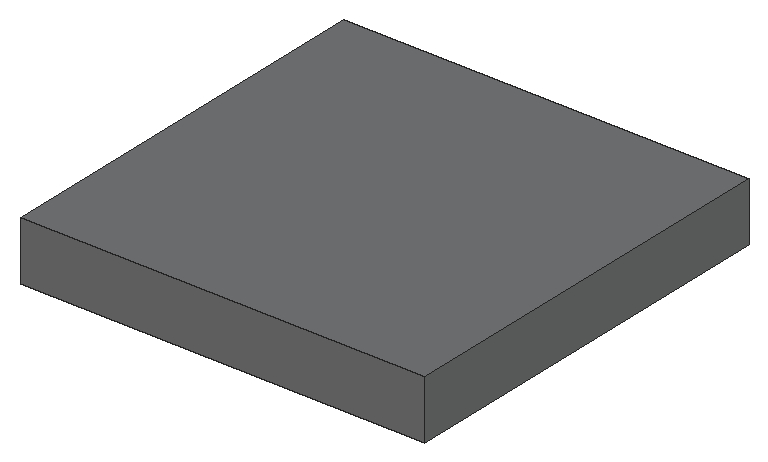
Revit family "Gira_026826", category Electrical Fixtures, host Face, Revit 2017
Family settings
  Host = Face
  Maintain Annotation Orientation = No
  Round Connector Dimension = Use Diameter
  Part Type = Normal
  Cut with Voids When Loaded = No
  Shared = No
  Room Calculation Point = No
Parameters (values of type "Blank cov.pl. sup.ring System 55 c.alum.")
  With strain relief = "No"
  With imprint = "No"
  With hinged lid = "No"
  With dust cover = "No"
  Utilization = "Blind cap"
  URL = "http://katalog.gira.de/en/datenblatt.html?artikelnr=026826"
  Type of fastening = "Mounting with screw"
  Transparent = "No"
  Surface protection = "Other"
  Surface finishing = "Not applicable"
  Support ring = "Yes"
  Suitable for degree of protection (IP) = "IP20"
  Name = "Blank cov.pl. sup.ring System 55 c.alum."
  Mounting method = "Flush mounted (plaster)"
  Material quality = "Thermoplastic"
  Material = "Plastic"
  Manufacturer URL = "https://www.gira.de/"
  Manufacturer = "Gira"
  Luster terminal = "No"
  Keynote = ""
  Imprintable label = "Without indication field"
  HeinzeBIM = "https://bimportal.heinze.de/bim/blank-cov-pl-sup-ring-system-55-c-alum-/6e67e0e5fabda79c99ac0af3496afae05e0bf908"
  Halogen free = "Yes"
  HAN = "026826"
  GTIN = "4010337268260"
  Description = "Bl.cov.pl.sup.r. Sys55 CAl,Blank cover plate with support ring,,colour aluminium,Notes :,- For screw mounting only."
  Default Elevation = 1219.2 mm
  Data sheet (1) = "https://katalog.gira.de/en/download.html?artikelnr=026826"
  Colour = "Aluminium"
  Category = "Insert/cover for communication technology"
  BIM (1) = "https://media.stage.bim.site/public/gira/36a6b08/Sys55_Abdeckung_Schalten und Tasten.rfa?public/gira/36a6b08/Sys55_Abdeckung_Schalten und Tasten.rfa"
  Available = "No"
  Assembly arrangement = "Central cover plate"
  Anthrazit [instance] = Anthrazit
Reference planes
  plane 1 "Center (Front/Back)": y = 0
  plane 2: z = 0
  plane 3 "Center (Left/Right)": x = 0
Forms (mm)
  Extrusion 1, solid, material "Anthrazit" <- "Anthrazit", detail levels fine
    sketch origin (0, 0, 0) x (1, 0, 0) y (0, 1, 0)
      loop
        line (-27.5, 27.5) -> (-27.5, -27.5) -> (27.5, -27.5) -> (27.5, 27.5) -> (-27.5, 27.5)
    from 0 to 8
  Extrusion 2, void
    sketch origin (0, 0, 0) x (1, 0, 0) y (0, 1, 0)
      loop
        line (26, 26) -> (-26, 26) -> (-26, -26) -> (26, -26) -> (26, 26)
    from 0 to 6
  Extrusion 3, solid, material "Anthrazit" <- "Anthrazit", detail levels medium
    sketch origin (0, 0, 0) x (1, 0, 0) y (0, 1, 0)
      loop
        line (-27.5, 27.5) -> (-27.5, -27.5) -> (27.5, -27.5) -> (27.5, 27.5) -> (-27.5, 27.5)
    from 0 to 8
  Extrusion 4, solid, material "Anthrazit" <- "Anthrazit", detail levels medium
    sketch origin (0, 0, 0) x (1, 0, 0) y (0, 1, 0)
      loop
        line (11, -17.5) -> (11, 17.5) -> (-11, 17.5) -> (-11, -17.5) -> (11, -17.5)
    from -6 to 6
  Extrusion 5, solid, material "Anthrazit" <- "Anthrazit", detail levels fine
    sketch origin (0, 0, 0) x (1, 0, 0) y (0, 1, 0)
      loop
        line (11, 17.5) -> (-11, 17.5) -> (-11, 16.5) -> (11, 16.5) -> (11, 17.5)
      loop
        line (-11, -16.5) -> (-11, -17.5) -> (11, -17.5) -> (11, -16.5) -> (-11, -16.5)
    from -4 to 6
  Extrusion 6, solid, material "Anthrazit" <- "Anthrazit", detail levels fine
    sketch origin (0, 0, 0) x (1, 0, 0) y (0, 1, 0)
      loop
        arc (5, 9.347) -> (0, 10.6) -> (-5, 9.347) r 10.6
        line (-5, 9.347) -> (-5, -9.347)
        arc (-5, -9.347) -> (0, -10.6) -> (5, -9.347) r 10.6
        line (5, -9.347) -> (5, 9.347)
    from -6 to 6
  Extrusion 7, solid, material "Anthrazit" <- "Anthrazit", detail levels coarse
    sketch origin (0, 0, 0) x (1, 0, 0) y (0, 1, 0)
      loop
        line (-27.5, 27.5) -> (-27.5, -27.5) -> (27.5, -27.5) -> (27.5, 27.5) -> (-27.5, 27.5)
    from -6 to 8
Cuts and joins
  Extrusion 2 cuts Extrusion 1
Dimensions and locks
  aligned and locked: plane 2 to host face
  aligned and locked: level to host face
